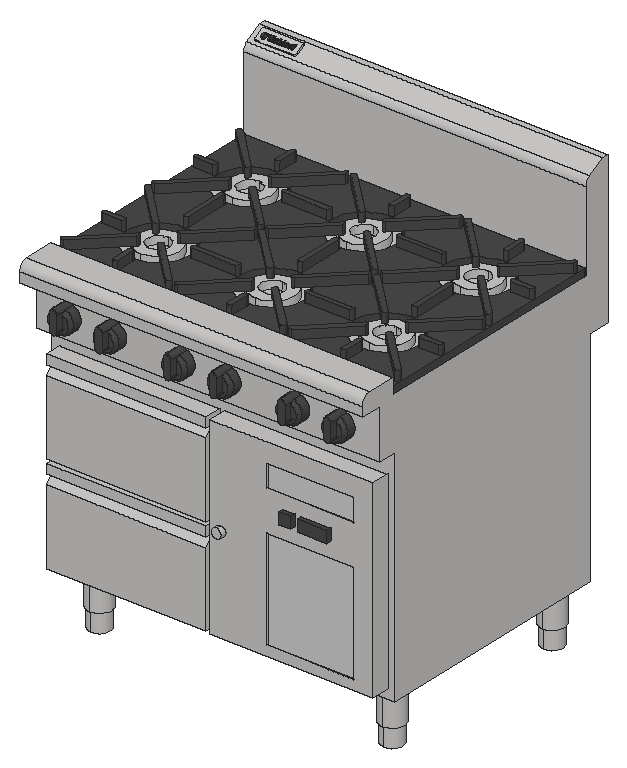
Revit family "QF_MOFFAT WALDORF_RN8600G-RB", category Specialty Equipment, Revit 2012 (continued)
Automatic sketch dimensions
  curve 30 to curve 74 = 29.796 mm
  curve 77 to plane 13 = 1.906 mm
  curve 71 to plane 13 = 1.906 mm
  plane 4 "RIGHT" to curve 69 = 8.983 mm
  plane 4 "RIGHT" to curve 75 = 8.983 mm
  plane 4 "RIGHT" to curve 68 = 7.067 mm
  plane 4 "RIGHT" to curve 74 = 7.067 mm
  plane 4 "RIGHT" to curve 71 = 4.536 mm
  plane 4 "RIGHT" to curve 77 = 4.536 mm
  curve 5 to plane 5 "FRONT" = 100.0 mm
  curve 52 to plane 5 "FRONT" = 121.703 mm
  curve 78 to plane 5 "FRONT" = 121.703 mm
  curve 65 to plane 5 "FRONT" = 121.703 mm
  curve 44 to curve 61 = 24.023 mm
  curve 47 to curve 61 = 0.0 mm
  curve 5 to curve 74 = 24.023 mm
  curve 5 to curve 46 = 25.084 mm
  curve 45 to curve 73 = 25.084 mm
  curve 60 to curve 73 = 0.0 mm
  curve 65 to curve 65 = 61.715 mm
  curve 78 to curve 28 = 61.715 mm
  curve 52 to curve 24 = 61.715 mm
  curve 27 to curve 29 = 27.082 mm
  curve 23 to curve 34 = 27.082 mm
  curve 25 to curve 31 = 27.082 mm
  curve 32 to curve 61 = 26.66 mm
  curve 33 to curve 47 = 26.66 mm
  curve 30 to curve 74 = 26.66 mm
  curve 29 to curve 73 = 27.721 mm
  curve 33 to curve 46 = 27.721 mm
  curve 31 to curve 60 = 27.721 mm
  curve 74 to curve 77 = 30.017 mm
  curve 46 to curve 51 = 28.957 mm
  curve 60 to curve 64 = 28.957 mm
  curve 60 to curve 26 = 29.279 mm
  curve 46 to curve 33 = 29.279 mm
  curve 73 to curve 28 = 29.279 mm
  curve 61 to curve 48 = 31.077 mm
  curve 28 to curve 75 = 27.778 mm
  curve 23 to curve 49 = 27.778 mm
  curve 25 to curve 62 = 27.778 mm
  curve 25 to curve 63 = 27.778 mm
  curve 23 to curve 50 = 27.778 mm
  curve 27 to curve 76 = 27.778 mm
  curve 24 to curve 42 = 4.009 mm
  curve 25 to curve 59 = 4.009 mm
  curve 27 to curve 72 = 4.009 mm
  plane 8 "Center X" to curve 75 = 5.915 mm
  plane 8 "Center X" to curve 76 = 9.451 mm
  plane 8 "Center X" to curve 50 = 9.451 mm
  curve 50 to curve 43 = 5.549 mm
  curve 76 to curve 70 = 11.098 mm
  curve 43 to curve 40 = 5.549 mm
  curve 57 to curve 70 = 0.0 mm
  curve 43 to curve 69 = 9.085 mm
  plane 8 "Center X" to curve 72 = 80.918 mm
  plane 8 "Center X" to curve 59 = 80.918 mm
  plane 8 "Center X" to curve 11 = 80.918 mm
  curve 11 to curve 14 = 27.082 mm
  curve 15 to curve 18 = 27.082 mm
  curve 19 to curve 21 = 27.082 mm
  curve 18 to curve 57 = 29.222 mm
  curve 22 to curve 69 = 29.222 mm
  curve 13 to curve 40 = 29.222 mm
  curve 17 to curve 56 = 29.222 mm
  curve 13 to curve 39 = 29.222 mm
  curve 21 to curve 70 = 29.222 mm
  curve 56 to curve 38 = 27.04 mm
  curve 70 to curve 21 = 27.778 mm
  curve 57 to curve 16 = 27.778 mm
  curve 40 to curve 11 = 27.778 mm
  curve 69 to curve 71 = 28.101 mm
  curve 57 to curve 58 = 28.101 mm
  curve 40 to curve 41 = 28.101 mm
  curve 53 to curve 17 = 27.721 mm
  curve 66 to curve 22 = 27.721 mm
  curve 35 to curve 14 = 27.721 mm
  curve 68 to curve 21 = 26.66 mm
  curve 55 to curve 17 = 26.66 mm
  curve 37 to curve 13 = 26.66 mm
  plane 1 "BACK" to curve 53 = 95.084 mm
  curve 53 to curve 66 = 0.0 mm
  plane 1 "BACK" to curve 35 = 95.084 mm
  plane 1 "BACK" to curve 68 = 94.023 mm
  plane 1 "BACK" to curve 55 = 94.023 mm
  curve 37 to curve 55 = 0.0 mm
  curve 15 to curve 54 = 62.576 mm
  curve 19 to curve 67 = 62.576 mm
  curve 11 to curve 36 = 62.577 mm
  curve 68 to curve 6 = 24.023 mm
  curve 36 to curve 8 = 38.782 mm
  plane 1 "BACK" to curve 9 = 21.784 mm
  Revolve 1 sketch curve to plane 5 "FRONT" = 56.0 mm
  Revolve 1 sketch curve to Revolve 1 sketch curve = 10.0 mm
  Revolve 1 sketch curve to Revolve 1 sketch curve = 21.3 mm
  Revolve 1 sketch curve to plane 5 "FRONT" = 23.0 mm
  Revolve 1 sketch curve to plane 5 "FRONT" = 12.0 mm
  Revolve 1 sketch curve to Revolve 1 sketch curve = 0.0 mm  (x2)
  plane 10 to Revolve 1 sketch curve = 117.895 mm
  Revolve 1 sketch curve to Revolve 1 sketch curve = 5.0 mm
  Revolve 1 sketch curve to Revolve 1 sketch curve = 26.651 mm
  Revolve 1 sketch curve to Revolve 1 sketch curve = 5.849 mm
  plane 12 to Extrusion 2 sketch curve = 135.0 mm
  Extrusion 2 sketch curve to Extrusion 2 sketch curve = 10.0 mm
  plane 10 to Extrusion 2 sketch curve = 129.997 mm
  Extrusion 2 sketch curve to Extrusion 2 sketch curve = 38.997 mm
  plane 1 "BACK" to Extrusion 3 sketch curve = 32.0 mm
  plane 13 to Extrusion 3 sketch curve = 65.0 mm
  Revolve 4 sketch curve to plane 5 "FRONT" = 12.0 mm
  Revolve 4 sketch curve to Revolve 4 sketch curve = 0.0 mm  (x2)
  Revolve 4 sketch curve to Revolve 4 sketch curve = 11.0 mm
  Revolve 4 sketch curve to Revolve 4 sketch curve = 12.7 mm
  Revolve 4 sketch curve to Revolve 4 sketch curve = 23.0 mm
  Revolve 4 sketch curve to Revolve 4 sketch curve = 10.0 mm
  plane 10 to Revolve 4 sketch curve = 85.627 mm
  Revolve 4 sketch curve to Revolve 4 sketch curve = 5.849 mm
  Revolve 4 sketch curve to Revolve 4 sketch curve = 27.5 mm
  Revolve 4 sketch curve to Revolve 4 sketch curve = 5.0 mm
  plane 12 to Extrusion 5 sketch curve = 35.0 mm
  Extrusion 5 sketch curve to Extrusion 5 sketch curve = 10.0 mm
  plane 10 to Extrusion 5 sketch curve = 91.0 mm
  Extrusion 5 sketch curve to Extrusion 5 sketch curve = 39.0 mm
  Extrusion 6 sketch curve to plane 7 "Center Y" = 0.0 mm  (x2)
  plane 4 "RIGHT" to Extrusion 6 sketch curve = 4.0 mm
  plane 1 "BACK" to Extrusion 6 sketch curve = 71.0 mm
  Extrusion 6 sketch curve to Extrusion 6 sketch curve = 3.0 mm  (x3)
  plane 8 "Center X" to Extrusion 6 sketch curve = 165.0 mm  (x3)
  Extrusion 6 sketch curve to plane 8 "Center X" = 135.0 mm  (x3)
  Extrusion 6 sketch curve to plane 5 "FRONT" = 104.0 mm  (x2)
  Extrusion 6 sketch curve to plane 11 = 84.2 mm  (x2)
  plane 13 to Extrusion 6 sketch curve = 85.0 mm  (x2)
  Extrusion 7 sketch curve to Extrusion 6 = 22.602 mm  (x6)
  Extrusion 7 sketch curve to Extrusion 6 = 25.398 mm  (x6)
  Extrusion 7 sketch curve to Extrusion 7 sketch curve = 4.525 mm  (x48)
  Extrusion 7 sketch curve to Extrusion 7 sketch curve = 49.204 mm  (x5)
  Extrusion 7 sketch curve to Extrusion 7 sketch curve = 55.923 mm  (x22)
  Extrusion 7 sketch curve to Extrusion 7 sketch curve = 0.0 mm  (x18)
  Extrusion 7 sketch curve to Extrusion 7 sketch curve = 20.524 mm  (x17)
  Extrusion 7 sketch curve to Extrusion 6 = 7.898 mm  (x4)
  Extrusion 7 sketch curve to Extrusion 7 sketch curve = 6.4 mm  (x17)
  Extrusion 7 sketch curve to Extrusion 7 sketch curve = 53.847 mm  (x24)
  Extrusion 7 sketch curve to Extrusion 6 = 5.102 mm  (x5)
  Extrusion 7 sketch curve to Extrusion 7 sketch curve = 128.447 mm  (x10)
  Extrusion 7 sketch curve to Extrusion 7 sketch curve = 12.205 mm  (x14)
  Extrusion 7 sketch curve to Extrusion 6 = 14.153 mm  (x3)
  Extrusion 7 sketch curve to Extrusion 7 sketch curve = 116.204 mm  (x7)
  Extrusion 7 sketch curve to Extrusion 6 = 31.653 mm  (x4)
  Extrusion 7 sketch curve to Extrusion 6 = 57.102 mm  (x2)
  Revolve 8 sketch curve to plane 5 "FRONT" = 56.0 mm
  Revolve 8 sketch curve to Revolve 8 sketch curve = 10.0 mm
  Revolve 8 sketch curve to Revolve 8 sketch curve = 21.3 mm
  Revolve 8 sketch curve to plane 5 "FRONT" = 23.0 mm
  Revolve 8 sketch curve to plane 5 "FRONT" = 12.0 mm
  Revolve 8 sketch curve to Revolve 8 sketch curve = 0.0 mm  (x2)
  plane 10 to Revolve 8 sketch curve = 117.895 mm
  Revolve 8 sketch curve to Revolve 8 sketch curve = 5.0 mm
  Revolve 8 sketch curve to Revolve 8 sketch curve = 26.651 mm
  Revolve 8 sketch curve to Revolve 8 sketch curve = 5.849 mm
  plane 7 "Center Y" to Extrusion 9 sketch curve = 50.0 mm
  Extrusion 9 sketch curve to Extrusion 9 sketch curve = 10.0 mm
  plane 10 to Extrusion 9 sketch curve = 129.997 mm
  Extrusion 9 sketch curve to Extrusion 9 sketch curve = 38.997 mm
  Revolve 10 sketch curve to plane 5 "FRONT" = 12.0 mm
  Revolve 10 sketch curve to Revolve 10 sketch curve = 0.0 mm  (x2)
  Revolve 10 sketch curve to Revolve 10 sketch curve = 11.0 mm
  Revolve 10 sketch curve to Revolve 10 sketch curve = 12.7 mm
  Revolve 10 sketch curve to Revolve 10 sketch curve = 23.0 mm
  Revolve 10 sketch curve to Revolve 10 sketch curve = 10.0 mm
  plane 10 to Revolve 10 sketch curve = 85.627 mm
  Revolve 10 sketch curve to Revolve 10 sketch curve = 5.849 mm
  Revolve 10 sketch curve to Revolve 10 sketch curve = 27.5 mm
  Revolve 10 sketch curve to Revolve 10 sketch curve = 5.0 mm
  Extrusion 11 sketch curve to plane 7 "Center Y" = 50.0 mm
  Extrusion 11 sketch curve to Extrusion 11 sketch curve = 10.0 mm
  plane 10 to Extrusion 11 sketch curve = 91.0 mm
  Extrusion 11 sketch curve to Extrusion 11 sketch curve = 39.0 mm
  Revolve 12 sketch curve to Revolve 12 sketch curve = 12.7 mm
  Revolve 12 sketch curve to Revolve 12 sketch curve = 21.3 mm
  Revolve 12 sketch curve to Revolve 12 sketch curve = 10.0 mm
  Revolve 12 sketch curve to Revolve 12 sketch curve = 0.0 mm  (x2)
  plane 10 to Revolve 12 sketch curve = 117.895 mm
  Revolve 12 sketch curve to Revolve 12 sketch curve = 5.0 mm
  Revolve 12 sketch curve to Revolve 12 sketch curve = 26.651 mm
  Revolve 12 sketch curve to Revolve 12 sketch curve = 5.849 mm
  plane 13 to Extrusion 13 sketch curve = 35.0 mm
  Extrusion 13 sketch curve to Extrusion 13 sketch curve = 10.0 mm
  plane 10 to Extrusion 13 sketch curve = 129.997 mm
  Extrusion 13 sketch curve to Extrusion 13 sketch curve = 38.997 mm
  Revolve 14 sketch curve to plane 5 "FRONT" = 12.0 mm
  Revolve 14 sketch curve to Revolve 14 sketch curve = 0.0 mm  (x2)
  Revolve 14 sketch curve to Revolve 14 sketch curve = 11.0 mm
  Revolve 14 sketch curve to Revolve 14 sketch curve = 12.7 mm
  Revolve 14 sketch curve to Revolve 14 sketch curve = 23.0 mm
  Revolve 14 sketch curve to Revolve 14 sketch curve = 10.0 mm
  plane 10 to Revolve 14 sketch curve = 85.627 mm
  Revolve 14 sketch curve to Revolve 14 sketch curve = 5.849 mm
  Revolve 14 sketch curve to Revolve 14 sketch curve = 27.5 mm
  Revolve 14 sketch curve to Revolve 14 sketch curve = 5.0 mm
  plane 16 to Extrusion 15 sketch curve = 83.5 mm
  Extrusion 15 sketch curve to Extrusion 15 sketch curve = 10.0 mm
  plane 10 to Extrusion 15 sketch curve = 91.0 mm
  Extrusion 15 sketch curve to Extrusion 15 sketch curve = 39.0 mm
  Revolve 16 sketch curve to plane 9 "Base Height" = 0.0 mm
  Revolve 16 sketch curve to level = 0.0 mm
  level to Revolve 16 sketch curve = 50.0 mm
  plane 1 "BACK" to Revolve 16 sketch curve = 131.75 mm
  Revolve 16 sketch curve to Revolve 16 sketch curve = 4.25 mm
  Revolve 16 sketch curve to Revolve 16 sketch curve = 27.5 mm  (x2)
  Revolve 16 sketch curve to Revolve 16 sketch curve = 55.0 mm
  Revolve 16 sketch curve to Revolve 16 sketch curve = 0.0 mm
  Revolve 17 sketch curve to plane 9 "Base Height" = 0.0 mm
  Revolve 17 sketch curve to level = 0.0 mm
  level to Revolve 17 sketch curve = 50.0 mm
  Revolve 17 sketch curve to plane 5 "FRONT" = 148.25 mm
  Revolve 17 sketch curve to Revolve 17 sketch curve = 4.25 mm
  Revolve 17 sketch curve to Revolve 17 sketch curve = 27.5 mm  (x2)
  Revolve 17 sketch curve to Revolve 17 sketch curve = 55.0 mm
  Revolve 17 sketch curve to Revolve 17 sketch curve = 0.0 mm
  Revolve 18 sketch curve to plane 9 "Base Height" = 0.0 mm
  Revolve 18 sketch curve to level = 0.0 mm
  level to Revolve 18 sketch curve = 50.0 mm
  plane 1 "BACK" to Revolve 18 sketch curve = 131.75 mm
  Revolve 18 sketch curve to Revolve 18 sketch curve = 4.25 mm
  Revolve 18 sketch curve to Revolve 18 sketch curve = 27.5 mm  (x2)
  Revolve 18 sketch curve to Revolve 18 sketch curve = 0.0 mm
  Revolve 18 sketch curve to Revolve 18 sketch curve = 55.0 mm
  Revolve 19 sketch curve to plane 9 "Base Height" = 0.0 mm
  Revolve 19 sketch curve to level = 0.0 mm
  level to Revolve 19 sketch curve = 50.0 mm
  Revolve 19 sketch curve to plane 5 "FRONT" = 148.25 mm
  Revolve 19 sketch curve to Revolve 19 sketch curve = 4.25 mm
  Revolve 19 sketch curve to Revolve 19 sketch curve = 27.5 mm  (x2)
  Revolve 19 sketch curve to Revolve 19 sketch curve = 0.0 mm
  Revolve 19 sketch curve to Revolve 19 sketch curve = 55.0 mm
  Extrusion 20 sketch curve to plane 5 "FRONT" = 0.0 mm
  plane 10 to Extrusion 20 sketch curve = 0.0 mm
  Extrusion 20 sketch curve to plane 9 "Base Height" = 0.0 mm
  Extrusion 20 sketch curve to plane 6 "TOP" = 0.0 mm
  Extrusion 20 sketch curve to plane 1 "BACK" = 0.0 mm
  Extrusion 20 sketch curve to plane 5 "FRONT" = 24.0 mm
  Extrusion 20 sketch curve to plane 5 "FRONT" = 56.0 mm
  Extrusion 20 sketch curve to Extrusion 20 sketch curve = 44.0 mm
  Extrusion 20 sketch curve to plane 5 "FRONT" = 106.0 mm
  plane 1 "BACK" to Extrusion 20 sketch curve = 70.0 mm
  Extrusion 20 sketch curve to Extrusion 20 sketch curve = 59.0 mm
  Extrusion 20 sketch curve to Extrusion 20 sketch curve = 11.291 mm
  Extrusion 20 sketch curve to Extrusion 20 sketch curve = 22.582 mm
  Extrusion 20 sketch curve to Extrusion 20 sketch curve = 16.5 mm
  Extrusion 20 sketch curve to Extrusion 20 sketch curve = 156.0 mm
  plane 10 to Extrusion 20 sketch curve = 180.0 mm
  Extrusion 20 sketch curve to Extrusion 20 sketch curve = 25.0 mm
  plane 10 to Extrusion 20 sketch curve = 40.0 mm
  Extrusion 20 sketch curve to plane 6 "TOP" = 43.926 mm
  plane 16 to curve 125 = 89.803 mm
  curve 125 to curve 126 = 20.0 mm
  curve 123 to curve 121 = 30.0 mm
  plane 16 to curve 122 = 19.803 mm
  curve 117 to plane 16 = 10.197 mm
  curve 117 to curve 115 = 20.0 mm
  curve 115 to curve 113 = 30.0 mm
  curve 113 to curve 114 = 20.0 mm
  curve 111 to curve 109 = 30.0 mm
  curve 109 to curve 110 = 20.0 mm
  plane 7 "Center Y" to curve 104 = 6.303 mm
  curve 103 to plane 7 "Center Y" = 13.697 mm
  curve 103 to curve 101 = 31.984 mm
  curve 101 to curve 102 = 20.0 mm
  curve 99 to curve 98 = 30.0 mm
  curve 97 to curve 98 = 20.0 mm
  curve 95 to curve 94 = 25.0 mm
  curve 93 to curve 94 = 20.0 mm
  curve 91 to curve 90 = 27.331 mm
  curve 89 to curve 90 = 20.0 mm
  curve 87 to curve 86 = 25.0 mm
  curve 85 to curve 86 = 20.0 mm
  curve 83 to curve 82 = 30.0 mm
  curve 79 to curve 81 = 20.0 mm
  plane 1 "BACK" to curve 79 = 50.635 mm
  plane 1 "BACK" to curve 125 = 50.635 mm
  curve 122 to curve 123 = 0.0 mm
  curve 79 to curve 83 = 0.0 mm
  curve 118 to curve 119 = 0.0 mm
  curve 85 to curve 87 = 0.0 mm
  curve 88 to curve 91 = 0.0 mm
  curve 113 to curve 115 = 0.0 mm
  curve 110 to curve 111 = 0.0 mm
  curve 92 to curve 95 = 0.0 mm
  curve 106 to curve 107 = 0.0 mm
  curve 96 to curve 99 = 0.0 mm
  plane 1 "BACK" to curve 102 = 20.837 mm
  plane 1 "BACK" to curve 103 = 20.837 mm
  plane 1 "BACK" to curve 98 = 20.837 mm
  plane 1 "BACK" to curve 107 = 20.837 mm
  plane 1 "BACK" to curve 94 = 20.837 mm
  plane 1 "BACK" to curve 111 = 20.837 mm
  plane 1 "BACK" to curve 90 = 20.837 mm
  plane 1 "BACK" to curve 115 = 20.837 mm
  plane 1 "BACK" to curve 119 = 20.837 mm
  plane 1 "BACK" to curve 85 = 20.837 mm
  plane 1 "BACK" to curve 82 = 20.837 mm
  plane 1 "BACK" to curve 123 = 20.837 mm
  Extrusion 20 to Extrusion 21 sketch curve = 57.0 mm
  Extrusion 20 to Extrusion 21 sketch curve = 107.0 mm
  Extrusion 21 sketch curve to Extrusion 21 sketch curve = 60.0 mm
  Extrusion 21 sketch curve to Extrusion 21 sketch curve = 104.0 mm
  Extrusion 20 to Extrusion 21 sketch curve = 49.0 mm
  Extrusion 20 to Extrusion 21 sketch curve = 24.0 mm
  Extrusion 20 to Extrusion 21 sketch curve = 447.0 mm
  Extrusion 21 sketch curve to Extrusion 21 sketch curve = 148.0 mm
  Extrusion 21 sketch curve to Extrusion 21 sketch curve = 0.0 mm
  Extrusion 20 to Extrusion 21 sketch curve = 69.0 mm  (x2)
  Extrusion 20 to Extrusion 21 sketch curve = 19.0 mm
  Extrusion 22 sketch curve to Extrusion 21 = 34.46 mm  (x2)
  Extrusion 22 sketch curve to Extrusion 22 sketch curve = 30.0 mm  (x2)
  Extrusion 22 sketch curve to Extrusion 22 sketch curve = 0.0 mm
  Extrusion 21 to Extrusion 22 sketch curve = 43.926 mm
  Extrusion 22 sketch curve to Extrusion 22 sketch curve = 17.577 mm
  Extrusion 21 to Extrusion 22 sketch curve = 60.185 mm
  Extrusion 21 to Extrusion 23 sketch curve = 39.229 mm
  Extrusion 23 sketch curve to Extrusion 21 = 27.856 mm
  Extrusion 24 sketch curve to Extrusion 21 = 0.0 mm  (x6)
  Extrusion 21 to Extrusion 24 sketch curve = 0.0 mm  (x2)
  Extrusion 20 to Extrusion 25 sketch curve = 252.0 mm
  Extrusion 20 to Extrusion 25 sketch curve = 283.5 mm
  Extrusion 20 to Split face 1 sketch curve = 4.938 mm
  Split face 1 sketch curve to Extrusion 20 = 8.801 mm
  Split face 1 sketch curve to Extrusion 20 = 146.698 mm
  Split face 1 sketch curve to Split face 1 sketch curve = 20.0 mm
  Extrusion 20 to Split face 2 sketch curve = 4.938 mm
  Split face 2 sketch curve to Extrusion 20 = 8.801 mm
  Split face 2 sketch curve to Extrusion 20 = 197.01 mm
  Split face 2 sketch curve to Split face 2 sketch curve = 20.0 mm
  Extrusion 20 to Split face 3 sketch curve = 4.938 mm
  Split face 3 sketch curve to Extrusion 20 = 8.801 mm
  Split face 3 sketch curve to Extrusion 20 = 242.01 mm
  Split face 3 sketch curve to Split face 3 sketch curve = 20.0 mm
  Extrusion 20 to Split face 4 sketch curve = 4.938 mm
  Split face 4 sketch curve to Extrusion 20 = 8.801 mm
  Split face 4 sketch curve to Extrusion 20 = 288.9 mm
  Split face 4 sketch curve to Split face 4 sketch curve = 20.0 mm
  Extrusion 20 to Split face 5 sketch curve = 4.938 mm
  Split face 5 sketch curve to Extrusion 20 = 8.801 mm
  Split face 5 sketch curve to Extrusion 20 = 333.9 mm
  Split face 5 sketch curve to Split face 5 sketch curve = 20.0 mm
  Extrusion 20 to Split face 6 sketch curve = 4.938 mm
  Split face 6 sketch curve to Extrusion 20 = 8.801 mm
  Split face 6 sketch curve to Extrusion 20 = 383.9 mm
  Split face 6 sketch curve to Split face 6 sketch curve = 20.0 mm
  Extrusion 20 to Split face 7 sketch curve = 4.938 mm
  Split face 7 sketch curve to Extrusion 20 = 8.801 mm
  Split face 7 sketch curve to Extrusion 20 = 436.249 mm
  Split face 7 sketch curve to Split face 7 sketch curve = 20.0 mm
  Extrusion 20 to Split face 8 sketch curve = 4.938 mm
  Split face 8 sketch curve to Extrusion 20 = 8.801 mm
  Split face 8 sketch curve to Extrusion 20 = 413.751 mm
  Split face 8 sketch curve to Split face 8 sketch curve = 20.0 mm
  Extrusion 20 to Split face 9 sketch curve = 4.938 mm
  Split face 9 sketch curve to Extrusion 20 = 8.801 mm
  Split face 9 sketch curve to Extrusion 20 = 363.751 mm
  Split face 9 sketch curve to Split face 9 sketch curve = 20.0 mm
  Extrusion 20 to Split face 10 sketch curve = 4.938 mm
  Split face 10 sketch curve to Extrusion 20 = 8.801 mm
  Split face 10 sketch curve to Extrusion 20 = 313.751 mm
  Split face 10 sketch curve to Split face 10 sketch curve = 20.0 mm
  Extrusion 20 to Split face 11 sketch curve = 4.938 mm
  Split face 11 sketch curve to Extrusion 20 = 8.801 mm
  Split face 11 sketch curve to Extrusion 20 = 263.751 mm
  Split face 11 sketch curve to Split face 11 sketch curve = 20.0 mm
  Extrusion 20 to Split face 12 sketch curve = 4.938 mm
  Split face 12 sketch curve to Extrusion 20 = 8.801 mm
  Split face 12 sketch curve to Extrusion 20 = 213.751 mm
  Split face 12 sketch curve to Split face 12 sketch curve = 20.0 mm
  Extrusion 26 sketch curve to Extrusion 26 sketch curve = 0.0 mm  (x73)
  Extrusion 20 to Extrusion 26 sketch curve = 110.5 mm  (x3)
  Extrusion 26 sketch curve to Extrusion 26 sketch curve = 27.0 mm  (x6)
  Extrusion 26 sketch curve to Extrusion 26 sketch curve = 30.0 mm  (x6)
  Extrusion 26 sketch curve to Extrusion 26 sketch curve = 186.0 mm  (x3)
  Extrusion 20 to Extrusion 26 sketch curve = 150.0 mm  (x4)
  Extrusion 26 sketch curve to Extrusion 26 sketch curve = 300.0 mm
  curve 11 to curve 128 = 0.402 mm
  curve 13 to curve 128 = 27.0 mm
  curve 11 to curve 127 = 0.0 mm
  curve 15 to curve 129 = 0.0 mm  (x2)
  curve 17 to curve 129 = 27.0 mm
  curve 19 to curve 131 = 0.221 mm
  curve 22 to curve 131 = 27.0 mm
  curve 19 to curve 132 = 0.0 mm
  curve 27 to curve 133 = 0.0 mm  (x2)
  curve 29 to curve 134 = 27.0 mm
  curve 25 to curve 135 = 0.0 mm  (x2)
  curve 31 to curve 135 = 27.0 mm
  curve 137 to curve 138 = 0.0 mm  (x2)
  curve 33 to curve 138 = 0.083 mm
  curve 33 to curve 137 = 27.0 mm
  curve 23 to curve 138 = 0.0 mm
  radius of Extrusion 3 sketch curve = 13.5 mm
  radius of Extrusion 6 sketch curve = 84.082 mm  (x6)
  radius of Extrusion 23 sketch curve = 12.395 mm
  radius of Extrusion 25 sketch curve = 5.0 mm
Nested families
  nested 1: "RN8600G-RB-CASTERS" at (65, -100, 0), Show Casters <- "Show Casters", visible <- "Show Casters", type "RN8600G-RB-CASTERS"
    with Type Mark "", Status "", Specification by User "", Show Casters no, Revision Code "", Item Number "", Installed By "", Identify Quantity as Lot yes, Furnished By "", Foodservice Equipment Identifier yes
  nested 2: "RN8600G-RB-CASTERS" at (835, -100, 0), Show Casters <- "Show Casters", visible <- "Show Casters", type "RN8600G-RB-CASTERS"
    with Type Mark "", Status "", Specification by User "", Show Casters no, Revision Code "", Item Number "", Installed By "", Identify Quantity as Lot yes, Furnished By "", Foodservice Equipment Identifier yes
  nested 3: "RN8600G-RB-DOOR AND DRAWER" at (20.5, -699, 174), Show Door <- "Show Door", Door Clearance <- "Door Clearance", Drawer Clearance <- "Drawer Clearance", Show Drawer <- "Drawer", type "GP8900G-RB-DOOR AND DRAWER"
    with Type Mark "", Status "", Specification by User "", Show Drawer yes, Show Door no, Revision Code "", Item Number "", Installed By "", Identify Quantity as Lot yes, Furnished By "", Foodservice Equipment Identifier yes, Drawer Clearance yes, Door Clearance no
  nested 4: "WALDORF LOGO_FACE BASE" at (12.25, -22.157, 1126.734) x (1, 0, 0) z (0, -0.5, 0.866), visible <- "Show Logo", type "WALDORF LOGO_FACE BASE", detail levels medium+fine
    with Show Logo yes
Connectors
  piping at (770, -32, 655)
    settings: on Extrusion 3, index 3, connector radius 0.37402", flow factor 0, pipe flow 0 GPM, pressure drop 0.00 psi, fitting loss kfactor 0, connector angle 0.00°, fixture units 0, engagement length 0.0 mm, flow configuration 1, flow direction 1, fitting loss method 0, system type 7, joint type 0, gender type 0, connector reference index -1, connector utility 0, adjustable connector no, is connector primary yes, fitting loss table "", connector description "GAS CONNECTION"
  electrical at (616.5, -57.1, 402), driven by "Volts", driven by "Watts"
    settings: on Extrusion 25, index 4, voltage 240 V, apparent load 250 VA, apparent load phase1 0 VA, apparent load phase2 0 VA, apparent load phase3 0 VA, power factor 1, load classification "Other", number of poles 1, system type 30, power factor state 1, is connector primary yes, connector utility no, sub classification motor no, connector description "ELECTRICAL CONNECTION"
Definition of nested family "RN8600G-RB-DOOR AND DRAWER"
  Parameters (values of type "GP8900G-RB-DOOR AND DRAWER")
    Weight in Pounds = 0
    URL Cutsheet = ""
    URL = ""
    Type Mark [instance] = ""
    Status [instance] = ""
    Specification by User [instance] = ""
    Specification by Manufacturer = ""
    Show Door [instance] = yes
    Serial Number = ""
    Seismic Rating = ""
    SMACNA No = ""
    Revision Code [instance] = ""
    Omniclass Number and Title = ""
    NAFEM Spec ID Number = ""
    Model = ""
    Masterspec = ""
    Manufacturer = ""
    Item Number [instance] = ""
    Installed By [instance] = ""
    Identify Quantity as Lot [instance] = yes
    Furnished By [instance] = ""
    Foodservice Equipment Identifier [instance] = yes
    Show Drawer [instance] = yes
    Drawer Clearance [instance] = yes
    Door Clearance [instance] = yes
    Description = ""
    CSI MasterFormat = ""
    CSI Master Format = ""
  Reference planes
    plane 1 "BACK": y = 0
    plane 2: z = 0
    plane 3 "LEFT": x = 0
    plane 4 "RIGHT": x = 420
    plane 5 "FRONT": y = -464.82
    plane 6 "TOP": z = 504
    plane 7 "Center Y": x = 210
    plane 8 "Center X": y = -232.41
    plane 9: x = 420
  Forms (mm)
    Extrusion 1, solid, material "QF_Finishes_Stainless Steel", visible <- "Show Drawer"
      sketch origin (-19, 702.18, -174) x (0, 1, 0) y (0, 0, 1)
        loop
          line (-747, 678) -> (-747, 653) -> (-722, 653) -> (-747, 628) -> (-747, 431) -> (-702.18, 431) -> (-702.18, 678) -> (-747, 678)
        loop
          line (-747, 421) -> (-747, 396) -> (-722, 396) -> (-747, 371) -> (-747, 174) -> (-702.18, 174) -> (-702.18, 421) -> (-747, 421)
      from 19 to 439
    Extrusion 2, solid, material "QF_Door-Drawer Clearances", visible <- "Drawer Clearance", detail levels coarse
      sketch origin (-19, -44.82, 257) x (0, 0, 1) y (-1, 0, 0)
        loop
          line (-257, -19) -> (-257, -439) -> (-10, -439) -> (-10, -19) -> (-257, -19)
        loop
          line (0, -19) -> (0, -439) -> (247, -439) -> (247, -19) -> (0, -19)
      from 0 to 304.8
    Extrusion 3, solid, material "QF_Finishes_Stainless Steel", visible <- "Show Door"
      sketch origin (-19, 702.18, -174) x (0, 1, 0) y (0, 0, 1)
        loop
          line (-748.15, 675.55) -> (-748.15, 658) -> (-723.95, 658) -> (-723.95, 648.15)
          arc (-723.95, 648.15) -> (-740.921, 641.121) -> (-747.95, 624.15) r 24
          line (-747.95, 624.15) -> (-747.95, 198)
          arc (-747.95, 198) -> (-740.921, 181.029) -> (-723.95, 174) r 24
          line (-723.95, 174) -> (-705.2, 174) -> (-705.2, 678) -> (-745.7, 678)
          arc (-745.7, 678) -> (-747.432, 677.282) -> (-748.15, 675.55) r 2.45
      from 19 to 439
    Extrusion 4, solid, material "QF_Door-Drawer Clearances", visible <- "Door Clearance", detail levels coarse
      sketch origin (-19, -8.47, 0) x (-1, 0, 0) y (0, 1, 0)
        loop
          line (-19, -36.35) -> (-439, -36.35)
          arc (-439, -36.35) -> (-315.985, -333.335) -> (-19, -456.35) r 420
          line (-19, -456.35) -> (-19, -36.35)
      from 0 to -504
  Lines and regions (mm)
    symbolic lines, style "QF_Door-Drawer Clearances", visible <- "Drawer Clearance"
      curve 1: line (0, -102.82, 150) -> (0, -349.62, 150)
      curve 2: line (420, -349.62, 150) -> (420, -104.62, 150)
      curve 5: line (0, -349.62, 0) -> (420, -349.62, 0)
    symbolic lines, style "QF_Door-Drawer Clearances", visible <- "Door Clearance"
      curve 3: line (58, -102.82, 150) -> (296.985, -341.805, 150)
      curve 4: arc (416.229, -100.977, 150) -> (376.388, -231.185, 150) -> (296.985, -341.805, 150) r 420
  Dimensions and locks
    equal spacing: plane 3 "LEFT", plane 7 "Center Y", plane 4 "RIGHT"
    plane 3 "LEFT" to plane 4 "RIGHT" = 420.0 mm
    equal spacing: plane 5 "FRONT", plane 8 "Center X", plane 1 "BACK"
    plane 5 "FRONT" to plane 1 "BACK" = 464.82 mm
    plane 6 "TOP" to level = 504.0 mm
    aligned and locked: level to plane 2
  Automatic sketch dimensions
    curve 4 to plane 3 "LEFT" = 0.0 mm
    curve 1 to plane 3 "LEFT" = 0.0 mm
    plane 4 "RIGHT" to curve 4 = 3.771 mm
    plane 7 "Center Y" to curve 3 = 86.985 mm
    curve 3 to curve 1 = 58.0 mm
    plane 1 "BACK" to curve 4 = 44.82 mm
    plane 1 "BACK" to curve 4 = 100.977 mm
    curve 4 to curve 3 = 58.0 mm
    curve 1 to curve 3 = 0.0 mm
    curve 4 to curve 2 = 3.643 mm
    Extrusion 1 sketch curve to level = 0.0 mm
    Extrusion 1 sketch curve to plane 1 "BACK" = 0.0 mm  (x2)
    plane 1 "BACK" to Extrusion 1 sketch curve = 19.82 mm  (x2)
    Extrusion 1 sketch curve to Extrusion 1 sketch curve = 25.0 mm  (x6)
    Extrusion 1 sketch curve to Extrusion 1 sketch curve = 0.0 mm
    Extrusion 1 sketch curve to Extrusion 1 sketch curve = 44.82 mm
    level to Extrusion 1 sketch curve = 197.0 mm
    Extrusion 1 sketch curve to Extrusion 1 sketch curve = 10.0 mm
    Extrusion 1 sketch curve to Extrusion 1 sketch curve = 197.0 mm
    Extrusion 1 to Extrusion 2 sketch curve = 0.0 mm  (x4)
    Extrusion 2 sketch curve to Extrusion 1 = 0.0 mm
    Extrusion 1 to Extrusion 2 sketch curve = 222.0 mm
    Extrusion 2 sketch curve to Extrusion 2 sketch curve = 10.0 mm
    Extrusion 2 sketch curve to Extrusion 2 sketch curve = 247.0 mm
    Extrusion 3 sketch curve to level = 0.0 mm
    plane 1 "BACK" to Extrusion 3 sketch curve = 45.97 mm
    Extrusion 3 sketch curve to Extrusion 3 sketch curve = 0.2 mm
    Extrusion 3 sketch curve to Extrusion 3 sketch curve = 2.45 mm
    plane 1 "BACK" to Extrusion 3 sketch curve = 21.77 mm  (x2)
    plane 1 "BACK" to Extrusion 3 sketch curve = 3.02 mm
    Extrusion 3 sketch curve to Extrusion 3 sketch curve = 426.15 mm
    Extrusion 3 sketch curve to Extrusion 3 sketch curve = 9.85 mm
    Extrusion 3 sketch curve to Extrusion 3 sketch curve = 17.55 mm
    Extrusion 4 sketch curve to Extrusion 3 = 0.0 mm  (x2)
    Extrusion 3 to Extrusion 4 sketch curve = 23.05 mm
    curve 2 to plane 4 "RIGHT" = 0.0 mm
    curve 1 to plane 5 "FRONT" = 115.2 mm
    curve 2 to plane 5 "FRONT" = 115.2 mm
Definition of nested family "WALDORF LOGO_FACE BASE"
  Parameters (values of type "WALDORF LOGO_FACE BASE")
    Show Logo [instance] = yes
    Default Elevation = 1219.2 mm
  Reference planes
    plane 1 "Center (Front/Back)": y = 0
    plane 2: z = 0
    plane 3 "Center (Left/Right)": x = 0
  Forms (mm)
    Extrusion 1, solid
      sketch origin (0, 0, 0) x (1, 0, 0) y (0, 1, 0)
        loop
          line (-1219.2, 1219.2) -> (-1219.2, -1219.2) -> (1219.2, -1219.2) -> (1219.2, 1219.2) -> (-1219.2, 1219.2)
      from 0 to -304.8
    Extrusion 2, solid, material "QF_Finishes_Stainless Steel", visible <- "Show Logo"
      sketch origin (0, -33.217, 0) x (1, 0, 0) y (0, 1, 0)
        loop
          arc (5, 34.14) -> (1.464, 32.676) -> (0, 29.14) r 5
          line (0, 29.14) -> (0, 5)
          arc (0, 5) -> (1.464, 1.464) -> (5, 0) r 5
          line (5, 0) -> (104, 0)
          arc (104, 0) -> (107.536, 1.464) -> (109, 5) r 5
          line (109, 5) -> (109, 29.14)
          arc (109, 29.14) -> (107.536, 32.676) -> (104, 34.14) r 5
          line (104, 34.14) -> (5, 34.14)
      from 0 to 1.588
    Extrusion 3, solid, material "QF_Finishes_Black", visible <- "Show Logo"
      sketch origin (0, -33.217, 1.588) x (1, 0, 0) y (0, 1, 0)
        loop
          line (24.772, 23.214) -> (27.992, 10.301) -> (31.551, 10.301) -> (33.443, 17.364) -> (35.205, 10.301) -> (39.332, 10.301) -> (42.077, 23.214) -> (38.352, 23.214) -> (36.676, 15.33) -> (35, 23.214) -> (31.752, 23.214) -> (30.076, 15.33) -> (28.4, 23.214) -> (24.772, 23.214)
        loop
          line (42.272, 17.055) -> (45.703, 17.055)
          spline (45.703, 17.055) -> (45.741, 17.285) -> (45.852, 17.499) -> (46.028, 17.682) -> (46.258, 17.823) -> (46.526, 17.912) -> (46.813, 17.942) -> (47.1, 17.912) -> (47.368, 17.823) -> (47.597, 17.682) -> (47.774, 17.499) -> (47.884, 17.285) -> (47.922, 17.055)
          line (47.922, 17.055) -> (47.922, 16.222)
          arc (47.922, 16.222) -> (45.742, 16.014) -> (43.665, 15.317) r 9.604
          arc (43.665, 15.317) -> (41.924, 12.809) -> (43.665, 10.301) r 2.677
          arc (43.665, 10.301) -> (45.527, 10.353) -> (47.332, 10.816) r 8.365
          line (47.332, 10.816) -> (48.092, 11.105) -> (48.092, 10.301) -> (51.817, 10.301) -> (51.817, 17.055)
          spline (51.817, 17.055) -> (51.654, 17.821) -> (51.178, 18.535) -> (50.419, 19.148) -> (49.431, 19.619) -> (48.28, 19.914) -> (47.044, 20.015) -> (45.809, 19.914) -> (44.658, 19.619) -> (43.67, 19.148) -> (42.911, 18.535) -> (42.434, 17.821) -> (42.272, 17.055)
        loop
          line (53.151, 23.214) -> (53.151, 10.301) -> (57.37, 10.301) -> (57.37, 23.214) -> (53.151, 23.214)
        loop
          line (64.874, 23.214) -> (64.874, 18.857)
          arc (64.874, 18.857) -> (58.083, 15.11) -> (64.874, 11.363) r 4.429
          line (64.874, 11.363) -> (64.874, 10.301) -> (68.378, 10.301) -> (68.378, 23.214) -> (64.874, 23.214)
        loop
          arc (64.874, 16.083) -> (61.41, 14.987) -> (64.874, 13.891) r 1.905
          line (64.874, 13.891) -> (64.874, 16.083)
        loop
          circle (74.623, 15.223) r 5
        loop
          spline (74.623, 17.856) -> (74.355, 17.766) -> (74.105, 17.503) -> (73.891, 17.084) -> (73.726, 16.539) -> (73.623, 15.904) -> (73.588, 15.223) -> (73.623, 14.541) -> (73.726, 13.906) -> (73.891, 13.361) -> (74.105, 12.942) -> (74.355, 12.679) -> (74.623, 12.59)
          spline (74.623, 12.59) -> (74.891, 12.679) -> (75.141, 12.942) -> (75.355, 13.361) -> (75.52, 13.906) -> (75.623, 14.541) -> (75.659, 15.223) -> (75.623, 15.904) -> (75.52, 16.539) -> (75.355, 17.084) -> (75.141, 17.503) -> (74.891, 17.766) -> (74.623, 17.856)
        loop
          line (81.255, 19.813) -> (81.255, 10.301) -> (84.834, 10.301) -> (84.834, 14.176)
          arc (84.834, 14.176) -> (85.854, 16.093) -> (88.013, 16.32) r 2.313
          line (88.013, 16.32) -> (88.013, 19.813) -> (87.161, 19.813)
          arc (87.161, 19.813) -> (85.526, 19.266) -> (84.549, 17.844) r 2.717
          line (84.549, 17.844) -> (84.549, 19.813) -> (81.255, 19.813)
        loop
          line (90.249, 19.813) -> (88.91, 19.813) -> (88.91, 17.614) -> (90.249, 17.614) -> (90.249, 10.301) -> (93.998, 10.301) -> (93.998, 17.614) -> (95.418, 17.614) -> (95.418, 19.813) -> (93.998, 19.813)
          arc (93.998, 19.813) -> (94.414, 20.817) -> (95.418, 21.233) r 1.42
          line (95.418, 21.233) -> (95.418, 23.602) -> (93.317, 23.602)
          arc (93.317, 23.602) -> (91.343, 22.903) -> (90.249, 21.118) r 3.137
          line (90.249, 21.118) -> (90.249, 19.813)
        loop
          arc (15.241, 23.571) -> (8.392, 16.525) -> (15.241, 9.479) r 7.049
          line (15.241, 9.479) -> (15.241, 23.571)
        loop
          line (15.641, 23.571) -> (15.641, 9.479)
          arc (15.641, 9.479) -> (22.49, 16.525) -> (15.641, 23.571) r 7.049
        loop
          arc (47.922, 14.711) -> (46.266, 13.749) -> (47.922, 12.787) r 1.107
          line (47.922, 12.787) -> (47.922, 14.711)
      from 0 to 0.2
  Dimensions and locks
    aligned and locked: plane 2 to Extrusion 1
    aligned and locked: level to Extrusion 1
Definition of nested family "RN8600G-RB-CASTERS"
  Parameters (values of type "BTL8450-CB-CASTERS")
    Weight = ""
    URL Manufacturer = ""
    URL Cutsheet = ""
    URL = ""
    Type Mark [instance] = ""
    Status [instance] = ""
    Specification by User [instance] = ""
    Specification by Manufacturer = ""
    Show Casters [instance] = no
    Serial Number = ""
    Seismic Rating = ""
    SMACNA No = ""
    Revision Code [instance] = ""
    Omniclass Number and Title = ""
    NAFEM Spec ID Number = ""
    Model = ""
    MasterSpec. = ""
    Manufacturer = ""
    Item Number [instance] = ""
    Installed By [instance] = ""
    Identify Quantity as Lot [instance] = yes
    Furnished By [instance] = ""
    Foodservice Equipment Identifier [instance] = yes
    Description = ""
    CSI MasterFormat = ""
    CSI Master Format = ""
    Assembly Code = ""
  Reference planes
    plane 1: z = 0
    plane 2 "RIGHT": x = 0
    plane 3 "FRONT": y = 0
    plane 4 "TOP": z = 177.8
  Forms (mm)
    Revolve 1, solid, material "QF_Finishes_Stainless Steel", visible <- "Show Casters"
      sketch origin (0, 56.335, 0) x (0, 1, 0) y (0, 0, 1)
        loop
          line (-56.335, 152.4) -> (-56.335, 141.118) -> (-23.798, 141.118) -> (-23.798, 152.4) -> (-56.335, 152.4)
        axis (-56.335, 141.118) -> (-56.335, 152.4)
      angle from 0 to 360
    Extrusion 2, solid, material "QF_Finishes_Stainless Steel", visible <- "Show Casters"
      sketch origin (-46.049, 56.335, 0) x (0, 1, 0) y (0, 0, 1)
        loop
          line (-85.799, 141.118) -> (-85.799, 133.498) -> (-82.136, 133.498)
          arc (-82.136, 133.498) -> (-79.344, 132.328) -> (-77.146, 130.248) r 8.432
          line (-77.146, 130.248) -> (-39.502, 49.52)
          arc (-39.502, 49.52) -> (-13.784, 46.107) -> (-5.673, 70.75) r 20.32
          arc (-5.673, 70.75) -> (-7.065, 73.611) -> (-8.887, 76.22) r 20.32
          arc (-8.887, 76.22) -> (-9.399, 85.377) -> (-6.626, 94.119) r 25.4
          line (-6.626, 94.119) -> (8.003, 121.632)
          arc (8.003, 121.632) -> (-2.347, 126.31) -> (-13.34, 129.167) r 66.802
          line (-13.34, 129.167) -> (-13.765, 133.498) -> (-26.871, 133.498) -> (-26.871, 141.118) -> (-85.799, 141.118)
      from 20.058 to 22.923
    Extrusion 3, solid, material "QF_Finishes_Stainless Steel", visible <- "Show Casters"
      sketch origin (3.326, 56.335, 0) x (0, 1, 0) y (0, 0, 1)
        loop
          line (-85.799, 141.118) -> (-85.799, 133.498) -> (-82.136, 133.498)
          arc (-82.136, 133.498) -> (-79.344, 132.328) -> (-77.146, 130.248) r 8.432
          line (-77.146, 130.248) -> (-39.502, 49.52)
          arc (-39.502, 49.52) -> (-13.784, 46.107) -> (-5.673, 70.75) r 20.32
          arc (-5.673, 70.75) -> (-7.065, 73.611) -> (-8.887, 76.22) r 20.32
          arc (-8.887, 76.22) -> (-9.399, 85.377) -> (-6.626, 94.119) r 25.4
          line (-6.626, 94.119) -> (8.003, 121.632)
          arc (8.003, 121.632) -> (-2.347, 126.31) -> (-13.34, 129.167) r 66.802
          line (-13.34, 129.167) -> (-13.765, 133.498) -> (-26.871, 133.498) -> (-26.871, 141.118) -> (-85.799, 141.118)
      from 20.058 to 22.923
    Extrusion 4, solid, material "QF_Finishes_Stainless Steel", visible <- "Show Casters"
      sketch origin (-49.224, 56.335, 0) x (0, 1, 0) y (0, 0, 1)
        loop
          line (-85.799, 141.118) -> (-85.799, 133.498) -> (-82.136, 133.498) -> (-18.877, 127.964) -> (7.14, 120.01) -> (8.003, 121.632)
          arc (8.003, 121.632) -> (-2.347, 126.31) -> (-13.34, 129.167) r 66.802
          line (-13.34, 129.167) -> (-13.765, 133.498) -> (-26.871, 133.498) -> (-26.871, 141.118) -> (-85.799, 141.118)
      from 26.098 to 72.56
    Revolve 5, solid, material "QF_Finishes_Stainless Steel", visible <- "Show Casters"
      sketch origin (-49.224, 30.821, 0) x (1, 0, 0) y (0, 0, 1)
        loop
          line (14.841, 63.604) -> (83.584, 63.604) -> (83.584, 67.109) -> (82.314, 68.379) -> (80.79, 68.379) -> (80.79, 71.826) -> (68.644, 71.826) -> (68.644, 81.79) -> (65.088, 83.843) -> (61.683, 104.879) -> (65.881, 104.879) -> (65.881, 111.229) -> (65.088, 111.229) -> (65.088, 117.579)
          arc (65.088, 117.579) -> (62.298, 124.314) -> (55.563, 127.104) r 9.525
          line (55.563, 127.104) -> (42.863, 127.104)
          arc (42.863, 127.104) -> (36.127, 124.314) -> (33.338, 117.579) r 9.525
          line (33.338, 117.579) -> (33.338, 111.229) -> (32.544, 111.229) -> (32.544, 104.879) -> (36.742, 104.879) -> (33.352, 83.932) -> (29.782, 81.871) -> (29.782, 71.826) -> (17.635, 71.826) -> (17.635, 68.379) -> (16.111, 68.379) -> (14.841, 67.109) -> (14.841, 63.604)
        axis (14.841, 63.604) -> (83.584, 63.604)
      angle from 0 to 360
  Cuts and joins
    joined: Extrusion 2, Extrusion 3, Extrusion 4
  Lines and regions (mm)
    symbolic lines, style "SpecialityEquipmentHiddenLines", visible <- "Show Casters"
      curve 1: line (18.009, 67.053, 0) -> (45.595, 51.127, 0)
      curve 2: line (-45.491, -42.932, 0) -> (18.009, 67.053, 0)
      curve 3: line (-17.905, -58.859, 0) -> (-45.491, -42.932, 0)
      curve 4: line (45.595, 51.127, 0) -> (-17.905, -58.859, 0)
  Dimensions and locks
    plane 4 "TOP" to level = 177.8 mm  (x2)
    Revolve 5 sketch curve to Revolve 5 sketch curve = 63.5 mm
    aligned and locked: level to plane 1
